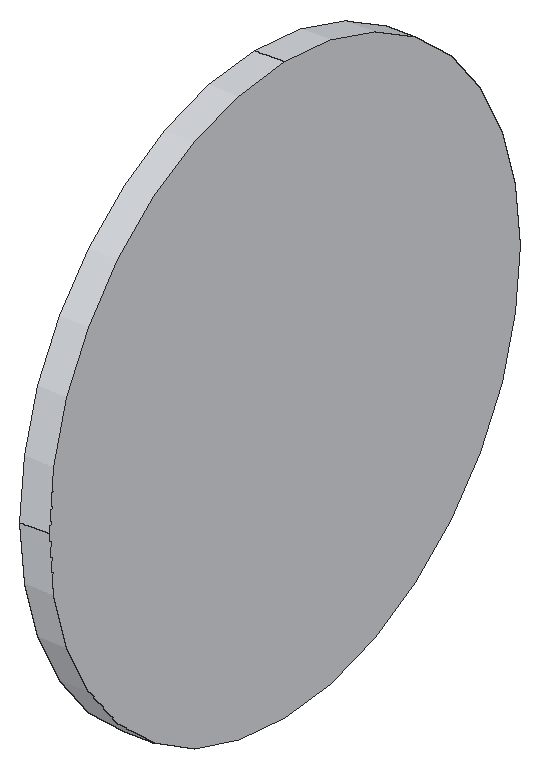
Revit family "M_Round Endcap - DTL", category Duct Fittings, Revit 2014
Parameters (values of type "Standard")
  built-in parameter 1114242 [instance] = (empty or 0)
  Radius [instance] = Diameter / 2  # 250 mm
  Length [instance] = 25 mm
  Diameter [instance] = 500 mm
Reference planes
  plane 1 "Center (Front/Back)": y = 0
  plane 2: z = 0
  plane 3 "Center (Left/Right)": x = 0
  plane 4: x = 25
  plane 5: x = 25.4
  plane 6: y = 250
  plane 7: y = -250
Forms (mm)
  Sweep 1, solid, detail levels medium+fine
    path in 3D
      loop
        line (0, 0, 0) -> (25, 0, 0)
    profile "M_Duct - Round : Duct - Round" origin (12.5, 0, 0) x (0, 1, 0) y (0, 0, 1)
      loop
        arc (-250, 0) -> (-176.777, -176.777) -> (0, -250) r 250
        arc (0, -250) -> (176.777, -176.777) -> (250, 0) r 250
        arc (250, 0) -> (176.777, 176.777) -> (0, 250) r 250
        arc (0, 250) -> (-176.777, 176.777) -> (-250, 0) r 250
Lines and regions (mm)
  reference lines
    curve 1: line (0, 0, 0) -> (25, 0, 0)
    curve 2: line (0, 0, 0) -> (25.4, 0, 0)
  sketch lines
    curve 3: line (0, 0, 0) -> (25, 0, 0)
  model lines, style "DuctFitting", detail levels coarse
    curve 4: line (0, 250, 0) -> (-101.6, 250, 0)
    curve 5: line (0, 250, 0) -> (0, -250, 0)
    curve 6: line (0, -250, 0) -> (-101.6, -250, 0)
Dimensions and locks
  "Length": plane 3 "Center (Left/Right)" to plane 4
  "Radius": plane 1 "Center (Front/Back)" to plane 6
  "Radius": plane 1 "Center (Front/Back)" to plane 7
  aligned and locked: plane 4 to curve 1
  aligned and locked: plane 3 "Center (Left/Right)" to curve 1
  aligned and locked: plane 3 "Center (Left/Right)" to curve 2
  aligned and locked: plane 6 to curve 4
  aligned and locked: curve 5 to plane 3 "Center (Left/Right)"
  aligned and locked: plane 7 to curve 6
  aligned and locked: plane 1 "Center (Front/Back)" to curve 1
Automatic sketch dimensions
  curve 2 to plane 5 = 0 mm
  curve 6 to curve 6 = 101.6 mm
  curve 4 to curve 4 = 101.6 mm
  curve 2 to plane 1 "Center (Front/Back)" = 0 mm
Connectors
  hvac at (0, 0, 0), driven by "Radius"
    settings: on Sweep 1, index 1, duct flow 0.0 L/s, flow factor 0, pres drop 0.0 Pa, loss coef 0, conn angle 0.00°, conn width 304.8 mm, conn height 304.8 mm, conn diameter 500 mm, duct sys type 28, conn prof type 0, flow config 0, flow direction 0, loss method 0, conn ref index -1, conn util no, is conn primary yes, conn desc ""
